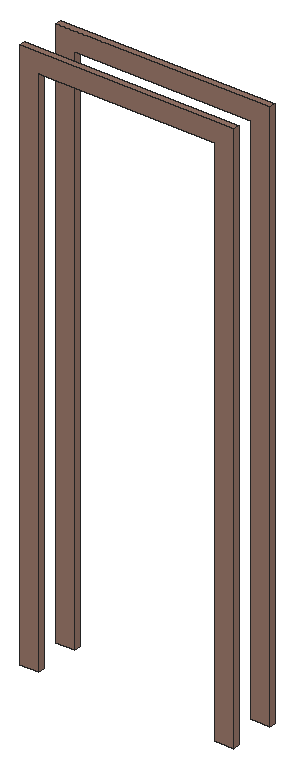
Revit family "0028_M_DR_W_M_Single-Flush2", category 문, Revit 2026
Family settings
  호스트 = 벽
  항상 수직 = 예
  로드될 때 보이드를 사용하여 절단 = 아니오
  공유 = 아니오
  룸 계산 점 = 아니오
Parameters (values of type "700 x 2134mm")
  두께 = 51.00 mm
  기능 = 내부
  Door Material = Door - Panel
  Frame Material = Door - Frame
  높이 = 2134.00 mm
  Trim Projection Ext = 25.00 mm
  Trim Projection Int = 25.00 mm
  Trim Width = 76.00 mm
  벽 마무리 = 호스트별
  폭 = 700.00 mm
  Assembly Code = ""
Reference planes
  plane 1: y = 0
  plane 2: z = 0
  plane 3: x = 0
  plane 4: x = -350
  plane 5: x = 350
  plane 6: z = 2134
Forms (mm)
  Extrusion 1, solid, material "Door - Frame" <- "Frame Material"
    sketch origin (-1524, -76.2, 0) x (1, 0, 0) y (0, 0, 1)
      loop
        line (1098, 2210) -> (1098, 0) -> (1174, 0) -> (1174, 2134) -> (1874, 2134) -> (1874, 0) -> (1950, 0) -> (1950, 2210) -> (1098, 2210)
    from 0 to 25
  Extrusion 2, solid, material "Door - Frame" <- "Frame Material"
    sketch origin (-1524, 76.2, 0) x (-1, 0, 0) y (0, 0, 1)
      loop
        line (-1950, 2210) -> (-1950, 0) -> (-1874, 0) -> (-1874, 2134) -> (-1174, 2134) -> (-1174, 0) -> (-1098, 0) -> (-1098, 2210) -> (-1950, 2210)
    from 0 to 25
Lines and regions (mm)
  Opening 1
    outline origin (-1524, -76.2, 3657.6) x (0, 0, -1) y (1, 0, 0)
      loop
        line (1523.6, 1174) -> (3657.6, 1174) -> (3657.6, 1874) -> (1523.6, 1874) -> (1523.6, 1174)
  symbolic lines, style "DoorsPanelProjection"
    curve 1: line (350, 76.2, 0) -> (299, 76.2, 0)
    curve 2: line (350, 76.2, 0) -> (350, 776.036, 0)
    curve 3: line (350, 776.036, 0) -> (299, 776.036, 0)
    curve 4: line (299, 76.2, 0) -> (299, 776.036, 0)
  model lines, style "DoorsFrameMullionProjection"
    curve 5: line (-426, -76.2, 0) -> (-426, -76.2, 2210)
    curve 6: line (-426, -76.2, 2210) -> (426, -76.2, 2210)
    curve 7: line (426, -76.2, 2210) -> (426, -76.2, 0)
    curve 8: line (426, 76.2, 0) -> (426, 76.2, 2210)
    curve 9: line (-426, 76.2, 2210) -> (426, 76.2, 2210)
    curve 10: line (-426, 76.2, 2210) -> (-426, 76.2, 0)
  symbolic lines, style "Plan Swing"
    curve 11: arc (299, 776.036, 0) -> (-163.886, 553.999, 0) -> (-351.691, 76.2, 0) r 701.691
  symbolic lines, style "Elevation Swing"
    curve 12: line (-350, 0, 2134) -> (350, 0, 1067)
    curve 13: line (350, 0, 1067) -> (-350, 0, 0)
Dimensions and locks
  equal spacing: plane 4, plane 3, plane 5
  "폭": plane 4 to plane 5
  locked: host wall to curve 1
  control icon elem to plane 5 = 154.408 mm
  "높이": plane 6 to plane 2
  "Trim Width": plane 4 to curve 5
  "Trim Width": plane 5 to curve 7
  "Trim Width": plane 6 to curve 6
  locked: curve 9 to host wall
  "Trim Projection Ext": Extrusion 2 to host wall
  "Trim Projection Int": Extrusion 1 to host wall
  "두께": curve 4 to plane 5
  equal spacing: plane 6, curve 13, level
  aligned and locked: plane 2 to curve 5
  aligned and locked: curve 7 to level
  aligned and locked: curve 8 to curve 7
  aligned and locked: curve 6 to Extrusion 1 sketch curve
  aligned and locked: Extrusion 1 sketch curve to curve 5
  aligned and locked: Extrusion 1 sketch curve to curve 7
  aligned and locked: Extrusion 1 to Extrusion 2 sketch curve
  aligned and locked: Extrusion 2 sketch curve to Extrusion 1  (x2)
Automatic sketch dimensions
  curve 11 to host wall = 0.00 mm
  curve 2 to plane 5 = 0.00 mm
  curve 11 to plane 5 = 0.00 mm
  plane 4 to curve 11 = 1.691 mm
  curve 12 to plane 4 = 0.00 mm
  curve 12 to plane 6 = 0.00 mm
  curve 10 to level = 0.00 mm
  curve 8 to level = 0.00 mm
  curve 13 to level = 0.00 mm
  curve 13 to plane 4 = 0.00 mm
  curve 12 to plane 5 = 0.00 mm
  curve 9 to curve 5 = 0.00 mm
  curve 10 to curve 5 = 0.00 mm
  Opening 1 sketch curve to plane 5 = 0.00 mm
  Opening 1 sketch curve to plane 6 = 0.00 mm
  Opening 1 sketch curve to level = 0.00 mm
  Opening 1 sketch curve to plane 4 = 0.00 mm
  Extrusion 1 sketch curve to level = 0.00 mm  (x2)
  Extrusion 1 sketch curve to plane 4 = 0.00 mm
  Extrusion 1 sketch curve to plane 5 = 0.00 mm
  Extrusion 1 sketch curve to plane 6 = 0.00 mm
  Extrusion 2 sketch curve to plane 5 = 0.00 mm
  Extrusion 2 sketch curve to plane 4 = 0.00 mm
  Extrusion 2 sketch curve to level = 0.00 mm  (x2)
  Extrusion 2 sketch curve to plane 6 = 0.00 mm
